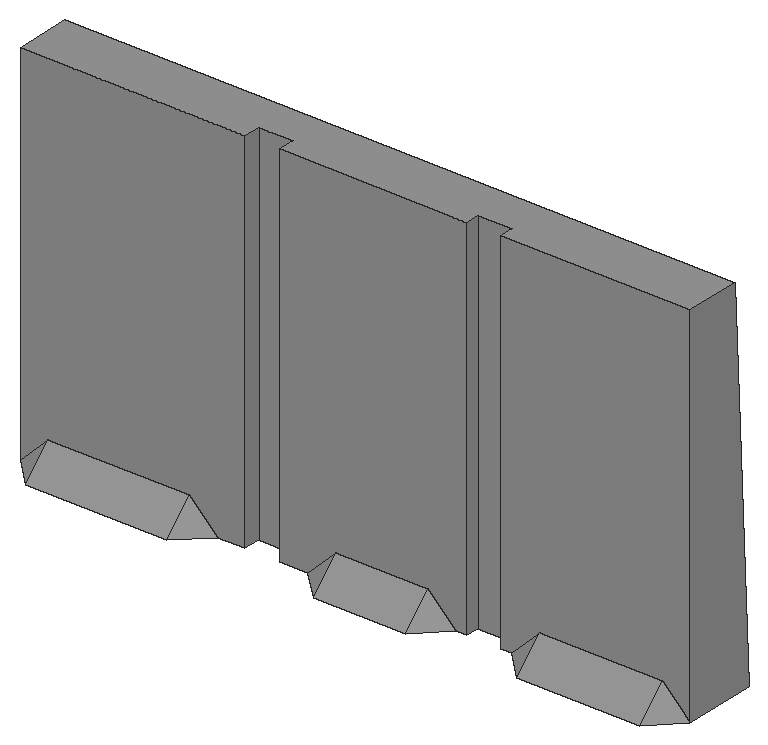
Revit family "闸室底板 - 边墩", category 常规模型, Revit 2019
Family settings
  可将钢筋附着到主体 = 是
  圆形连接件大小 = 使用直径
  零件类型 = 标准
  基于工作平面 = 否
  总是垂直 = 是
  加载时剪切的空心 = 否
  共享 = 否
  房间计算点 = 否
Parameters (values of type "C25")
  高 = 6620 mm
  闸门槽2长 = 600 mm
  闸门槽2深 = 250 mm
  闸门槽1长 = 620 mm
  闸门槽2 = 3400 mm
  闸门槽1深 = 400 mm
  闸门槽1 = 4030 mm
  闸墩底部宽 = 1300 mm
  长 = 12000 mm
  闸墩顶部宽 = 1000 mm
  材质 = 钢筋混凝土 C25
Reference planes
  plane 1 "中心(前/后)": y = 0
  plane 2: z = 0
  plane 3 "中心(左/右)": x = 0
  plane 4: y = 500
  plane 5: y = -500
  plane 6: x = -6000
  plane 7: x = 6000
  plane 8: z = 6620
  plane 9: x = -1970
  plane 10: x = 2600
  plane 11: x = -1350
  plane 12: x = 2000
  plane 13: y = -200
  plane 14: y = -250
  plane 15: y = 800
  plane 16: y = -1000
  plane 17: x = -5500
  plane 18: x = -2970
  plane 19: x = -2470
  plane 20: y = 0
  plane 21: x = -5000
  plane 22: x = -5000
  plane 23: x = -5000
  plane 24: x = -3470
  plane 25: x = -2470
  plane 26: x = -850
  plane 27: x = 1300
  plane 28: x = 150
  plane 29: x = 800
  plane 30: x = 1800
  plane 31: x = 2800
  plane 32: x = 3800
  plane 33: x = 5500
  plane 34: x = 5000
  plane 35: x = 6000
Forms (mm)
  Blend 1, solid, material "钢筋混凝土 C25" <- "材质"
    base sketch origin (0, 0, 0) x (1, 0, 0) y (0, 1, 0)
      loop
        line (-6000, 800) -> (-6000, -500) -> (6000, -500) -> (6000, 800) -> (-6000, 800)
    top sketch origin (0, 0, 0) x (1, 0, 0) y (0, 1, 0)
      loop
        line (-6000, 500) -> (-6000, -500) -> (6000, -500) -> (6000, 500) -> (-6000, 500)
    from 0 to 6620
  Extrusion 2, void
    sketch origin (0, 0, 0) x (1, 0, 0) y (0, 1, 0)
      loop
        line (-1970, -200) -> (-1970, -500) -> (-1350, -500) -> (-1350, -200) -> (-1970, -200)
    from 0 to 6620
  Extrusion 3, void
    sketch origin (0, 0, 0) x (1, 0, 0) y (0, 1, 0)
      loop
        line (2000, -250) -> (2000, -500) -> (2600, -500) -> (2600, -250) -> (2000, -250)
    from 0 to 6620
  Extrusion 4, solid, material "钢筋混凝土 C25" <- "材质"
    sketch origin (-5500, 1275.908, 1200) x (0, 1, 0) y (0, 0, 1)
      loop
        line (-1775.908, -700) -> (-2275.908, -1200) -> (-1775.908, -1200) -> (-1775.908, -700)
    from 0 to 2530
  Sweep 5, solid, material "钢筋混凝土 C25" <- "材质"
    path origin (0, 0, 0) x (1, 0, 0) y (0, 1, 0)
      loop
        line (-5500, -1000) -> (-5000, -500) -> (-5500, 0) -> (-6000, -500) -> (-5500, -1000)
    profile origin (-5750, -750, 0) x (-0.707107, -0.707107, 0) y (0, 0, 1)
      loop
        line (0, 0) -> (-353.553, 500) -> (-353.553, 0) -> (0, 0)
  Sweep 6, solid, material "钢筋混凝土 C25" <- "材质"
    path origin (0, 0, 0) x (1, 0, 0) y (0, 1, 0)
      loop
        line (-5500, -1000) -> (-5000, -500) -> (-5500, 0) -> (-6000, -500) -> (-5500, -1000)
    profile origin (-5750, -750, 0) x (-0.707107, -0.707107, 0) y (0, 0, 1)
      loop
        line (0, 0) -> (-353.553, 500) -> (-353.553, 0) -> (0, 0)
  Sweep 7, solid, material "钢筋混凝土 C25" <- "材质"
    path origin (0, 0, 0) x (1, 0, 0) y (0, 1, 0)
      loop
        line (-5500, -1000) -> (-5000, -500) -> (-5500, 0) -> (-6000, -500) -> (-5500, -1000)
    profile origin (-5750, -750, 0) x (-0.707107, -0.707107, 0) y (0, 0, 1)
      loop
        line (0, 0) -> (-353.553, 500) -> (-353.553, 0) -> (0, 0)
  Sweep 8, solid, material "钢筋混凝土 C25" <- "材质"
    path origin (2530, 0, 0) x (1, 0, 0) y (0, 1, 0)
      loop
        line (-5500, -1000) -> (-5000, -500) -> (-5500, 0) -> (-6000, -500) -> (-5500, -1000)
    profile origin (-3220, -750, 0) x (-0.707107, -0.707107, 0) y (0, 0, 1)
      loop
        line (0, 0) -> (-353.553, 500) -> (-353.553, 0) -> (0, 0)
  Extrusion 9, solid, material "钢筋混凝土 C25" <- "材质"
    sketch origin (-350, 1275.908, 1200) x (0, 1, 0) y (0, 0, 1)
      loop
        line (-1775.908, -700) -> (-2275.908, -1200) -> (-1775.908, -1200) -> (-1775.908, -700)
    from 0 to 1650
  Sweep 10, solid, material "钢筋混凝土 C25" <- "材质"
    path origin (5150, 0, 0) x (1, 0, 0) y (0, 1, 0)
      loop
        line (-5500, -1000) -> (-5000, -500) -> (-5500, 0) -> (-6000, -500) -> (-5500, -1000)
    profile origin (-600, -750, 0) x (-0.707107, -0.707107, 0) y (0, 0, 1)
      loop
        line (0, 0) -> (-353.553, 500) -> (-353.553, 0) -> (0, 0)
  Sweep 11, solid, material "钢筋混凝土 C25" <- "材质"
    path origin (6800, 0, 0) x (1, 0, 0) y (0, 1, 0)
      loop
        line (-5500, -1000) -> (-5000, -500) -> (-5500, 0) -> (-6000, -500) -> (-5500, -1000)
    profile origin (1050, -750, 0) x (-0.707107, -0.707107, 0) y (0, 0, 1)
      loop
        line (0, 0) -> (-353.553, 500) -> (-353.553, 0) -> (0, 0)
  Extrusion 12, solid, material "钢筋混凝土 C25" <- "材质"
    sketch origin (3300, 1275.908, 1200) x (0, 1, 0) y (0, 0, 1)
      loop
        line (-1775.908, -700) -> (-2275.908, -1200) -> (-1775.908, -1200) -> (-1775.908, -700)
    from 0 to 2200
  Sweep 13, solid, material "钢筋混凝土 C25" <- "材质"
    path origin (8800, 0, 0) x (1, 0, 0) y (0, 1, 0)
      loop
        line (-5500, -1000) -> (-5000, -500) -> (-5500, 0) -> (-6000, -500) -> (-5500, -1000)
    profile origin (3050, -750, 0) x (-0.707107, -0.707107, 0) y (0, 0, 1)
      loop
        line (0, 0) -> (-353.553, 500) -> (-353.553, 0) -> (0, 0)
  Sweep 14, solid, material "钢筋混凝土 C25" <- "材质"
    path origin (11000, 0, 0) x (1, 0, 0) y (0, 1, 0)
      loop
        line (-5500, -1000) -> (-5000, -500) -> (-5500, 0) -> (-6000, -500) -> (-5500, -1000)
    profile origin (5250, -750, 0) x (-0.707107, -0.707107, 0) y (0, 0, 1)
      loop
        line (0, 0) -> (-353.553, 500) -> (-353.553, 0) -> (0, 0)
Cuts and joins
  Extrusion 2, Extrusion 3 cuts Blend 1
  joined: Blend 1, Extrusion 4, Sweep 5, Sweep 6, Sweep 7, Sweep 8, Extrusion 9, Sweep 10, Sweep 11, Extrusion 12, Sweep 13, Sweep 14
Dimensions and locks
  equal spacing: plane 4, plane 1 "中心(前/后)", plane 5
  "闸墩顶部宽": plane 4 to plane 5
  equal spacing: plane 6, plane 3 "中心(左/右)", plane 7
  "长": plane 6 to plane 7
  "高": plane 8 to level
  "闸门槽1": plane 6 to plane 9
  "闸门槽2": plane 10 to plane 7
  "闸门槽1长": plane 9 to plane 11
  "闸门槽2长": plane 12 to plane 10
  "闸墩底部宽": plane 15 to plane 5
  "闸门槽2深": plane 14 to plane 5
  plane 5 to plane 16 = 500 mm
  plane 6 to plane 17 = 500 mm
  plane 17 to plane 18 to plane 19 = 2530 mm, 500 mm
  plane 26 to plane 27 = 2150 mm
  plane 29 to plane 27 = 500 mm
  plane 10 to plane 31 = 200 mm
  aligned and locked: level to plane 2
  aligned and locked: Blend 1 sketch curve to plane 15
  aligned and locked: plane 6 to Blend 1 sketch curve  (x2)
  aligned and locked: plane 5 to Blend 1 sketch curve
  aligned and locked: Blend 1 sketch curve to plane 7
  aligned and locked: Blend 1 sketch curve to plane 4
  aligned and locked: Blend 1 sketch curve to var sketch
  aligned and locked: var sketch to Blend 1 sketch curve
  aligned and locked: plane 8 to Blend 1
  aligned and locked: Extrusion 2 sketch curve to plane 13
  aligned and locked: plane 9 to Extrusion 2 sketch curve
  aligned and locked: plane 5 to Extrusion 2 sketch curve
  aligned and locked: Extrusion 2 sketch curve to plane 11
  aligned and locked: Extrusion 3 sketch curve to plane 14
  aligned and locked: plane 12 to Extrusion 3 sketch curve
  aligned and locked: plane 5 to Extrusion 3 sketch curve
  aligned and locked: Extrusion 3 sketch curve to plane 10
  aligned and locked: plane 8 to Extrusion 2
  aligned and locked: plane 8 to Extrusion 3
Automatic sketch dimensions
  Extrusion 4 sketch curve to plane 16 = 0 mm
  Extrusion 4 sketch curve to level = 0 mm
  Extrusion 4 sketch curve to plane 5 = 0 mm
  Extrusion 4 sketch curve to Extrusion 4 sketch curve = 500 mm
  Sweep 5 sketch curve to plane 1 "中心(前/后)" = 0 mm
  Sweep 5 sketch curve to plane 16 = 0 mm
  Sweep 5 sketch curve to plane 17 = 0 mm
  Sweep 5 sketch curve to plane 5 = 0 mm
  Sweep 5 sketch curve to plane 21 = 0 mm
  level to Sweep 5 sketch curve = 0 mm
  Sweep 5 sketch curve to profile plane = 0 mm
  profile plane to Sweep 5 sketch curve = 353.553 mm
  Sweep 5 sketch curve to Sweep 5 sketch curve = 500 mm
  Sweep 6 sketch curve to plane 5 = 0 mm
  Sweep 6 sketch curve to plane 6 = 0 mm
  Sweep 6 sketch curve to plane 1 "中心(前/后)" = 0 mm
  Sweep 6 sketch curve to plane 17 = 0 mm
  Sweep 6 sketch curve to plane 16 = 0 mm
  level to Sweep 6 sketch curve = 0 mm
  Sweep 6 sketch curve to profile plane = 0 mm
  profile plane to Sweep 6 sketch curve = 353.553 mm
  level to Sweep 6 sketch curve = 500 mm
  Sweep 7 sketch curve to plane 5 = 0 mm
  Sweep 7 sketch curve to plane 6 = 0 mm
  Sweep 7 sketch curve to plane 1 "中心(前/后)" = 0 mm
  Sweep 7 sketch curve to plane 17 = 0 mm
  Sweep 7 sketch curve to plane 16 = 0 mm
  level to Sweep 7 sketch curve = 0 mm
  Sweep 7 sketch curve to profile plane = 0 mm
  profile plane to Sweep 7 sketch curve = 353.553 mm
  level to Sweep 7 sketch curve = 500 mm
  Sweep 8 sketch curve to plane 5 = 0 mm
  Sweep 8 sketch curve to plane 24 = 0 mm
  Sweep 8 sketch curve to plane 1 "中心(前/后)" = 0 mm
  Sweep 8 sketch curve to plane 18 = 0 mm
  Sweep 8 sketch curve to plane 16 = 0 mm
  level to Sweep 8 sketch curve = 0 mm
  Sweep 8 sketch curve to profile plane = 0 mm
  profile plane to Sweep 8 sketch curve = 353.553 mm
  level to Sweep 8 sketch curve = 500 mm
  Extrusion 9 sketch curve to level = 0 mm
  Extrusion 9 sketch curve to plane 16 = 0 mm
  Extrusion 9 sketch curve to plane 5 = 0 mm
  Extrusion 9 sketch curve to Extrusion 9 sketch curve = 500 mm
  Sweep 10 sketch curve to plane 5 = 0 mm
  Sweep 10 sketch curve to plane 26 = 0 mm
  plane 1 "中心(前/后)" to Sweep 10 sketch curve = 0 mm
  plane 16 to Sweep 10 sketch curve = 0 mm
  Sweep 10 sketch curve to plane 3 "中心(左/右)" = 350 mm
  level to Sweep 10 sketch curve = 0 mm
  Sweep 10 sketch curve to profile plane = 0 mm
  profile plane to Sweep 10 sketch curve = 353.553 mm
  level to Sweep 10 sketch curve = 500 mm
  Sweep 11 sketch curve to plane 5 = 0 mm
  Sweep 11 sketch curve to plane 29 = 0 mm
  plane 1 "中心(前/后)" to Sweep 11 sketch curve = 0 mm
  Sweep 11 sketch curve to plane 27 = 0 mm
  plane 16 to Sweep 11 sketch curve = 0 mm
  level to Sweep 11 sketch curve = 0 mm
  Sweep 11 sketch curve to profile plane = 0 mm
  profile plane to Sweep 11 sketch curve = 353.553 mm
  level to Sweep 11 sketch curve = 500 mm
  Extrusion 12 sketch curve to level = 0 mm
  Extrusion 12 sketch curve to plane 16 = 0 mm
  Extrusion 12 sketch curve to plane 5 = 0 mm
  Extrusion 12 sketch curve to Extrusion 12 sketch curve = 500 mm
  Sweep 13 sketch curve to plane 5 = 0 mm
  Sweep 13 sketch curve to plane 31 = 0 mm
  plane 1 "中心(前/后)" to Sweep 13 sketch curve = 0 mm
  Sweep 13 sketch curve to plane 16 = 0 mm
  Sweep 13 sketch curve to plane 31 = 500 mm
  level to Sweep 13 sketch curve = 0 mm
  Sweep 13 sketch curve to profile plane = 0 mm
  profile plane to Sweep 13 sketch curve = 353.553 mm
  level to Sweep 13 sketch curve = 500 mm
  Sweep 14 sketch curve to plane 5 = 0 mm
  Sweep 14 sketch curve to plane 34 = 0 mm
  plane 1 "中心(前/后)" to Sweep 14 sketch curve = 0 mm
  Sweep 14 sketch curve to plane 33 = 0 mm
  Sweep 14 sketch curve to plane 16 = 0 mm
  level to Sweep 14 sketch curve = 0 mm
  Sweep 14 sketch curve to profile plane = 0 mm
  profile plane to Sweep 14 sketch curve = 353.553 mm
  level to Sweep 14 sketch curve = 500 mm
